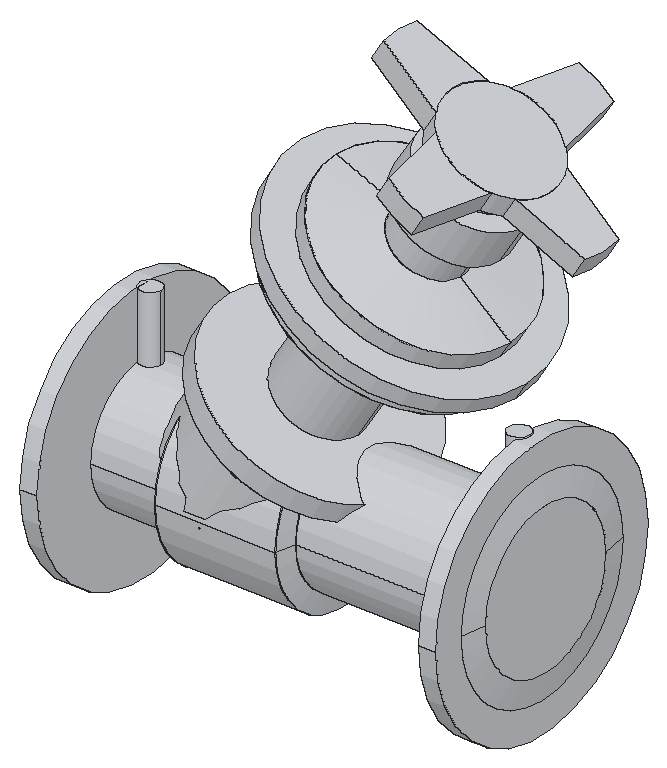
Revit family "224_DN125_40-160_RFA_2019", category Pipe Accessories, Revit 2019
Family settings
  Round Connector Dimension = Use Diameter
  Part Type = Valve - Breaks Into
  Work Plane-Based = No
  Always vertical = Yes
  Cut with Voids When Loaded = No
  Shared = No
Parameters (values of type "224_DN125_(40-160)")
  magiProductId = "9beb69b667494b6ab1f54942078ae6"
  magiProductFamilyId = "cb96b53648234cefb8c956722b95ac"
  magiPartTypeId = 304
  isMeasuringValve [instance] = no
  ang2D [instance] = 0.00°
  Z8 = 25.804 mm
  Z7 = 8.601 mm
  Z6 = 107.518 mm
  Z4 = 43.007 mm
  Z3 = 17.203 mm
  Z2 = 21.504 mm
  Z1 = 64.511 mm
  Y9 = 112.022 mm
  Y8 = 43.927 mm
  X9 = 19.752 mm
  X8 = 30.758 mm
  X5 = 166.25 mm
  X4 = 113.75 mm
  X1 = 16 mm
  W2D = 100 mm
  VersionID = "2.0/2018.4.11.4/ZETKAMA_224_001"
  Use Minimum Symbol Size [instance] = yes
  URL = "www.hydronic.cz"
  Type Comments = "přírubový ventil, PN16; -10~+120°C; dpmin=1,5xdpnast;"
  R8 = 53.625 mm
  R7 = 35.75 mm
  R6 = 96.688 mm
  R5 = 125 mm
  R4 = 113.75 mm
  R3 = 65 mm
  R2 = 95.5 mm
  R12 = 42.75 mm
  R10 = 71 mm
  QmdConnectorList = "301;D;302;D"
  Productdata [instance] = ""
  Manufacturer = "Hydronic Systems Prague s.r.o."
  Maintenance Zone Under Depth [instance] = 425 mm
  Maintenance Zone Right Depth [instance] = 400 mm
  Maintenance Zone Over Depth [instance] = 425 mm
  Maintenance Zone Left Depth [instance] = 400 mm
  Maintenance Zone Front Depth [instance] = 273 mm
  Maintenance Zone Back Depth [instance] = 273 mm
  Maintenance Zone Front Visibility [instance] = no
  MC Product Code = "224 125 7 (DN125; dpnast 40-160kPa; dpmax=250kPa; kvs=169,0kPa)"
  MC Piping Given Pressure Drop [instance] = 0.0 Pa
  LT2 = 200 mm
  L3 = 72 mm
  L2D_Min = 3048 mm
  L2D = 350 mm
  H5 = 62.5 mm
  FDT2 = 125 mm
  Description = "Regulátor diferenčního tlaku přírubový"
  DT21 = 62.5 mm
  DT2 = 62.5 mm
  D6 = 101.562 mm
  D5 = 81.25 mm
  D = 125 mm
  Clearance Zone Height Depth [instance] = 425 mm
  Clearance Zone Circular Radius [instance] = 400 mm
  Clearance Zone Visibility [instance] = no
  CAT0 = yes
  ARC2 = 1.728 mm
  ARC1 = 9.698 mm
  ANG = 32.00°
  A2 = 37.094 mm
  A1 = 59.363 mm
Types (10, lengths in mm): name | magiProductId | Z8 | Z7 | Z6 | Z4 | Z3 | Z2 | Z1 | X5 | X4 | X1 | R5 | R3 | R2 | R10 | Maintenance Zone Under Depth | Maintenance Zone Right Depth | Maintenance Zone Over Depth | Maintenance Zone Left Depth | MC Product Code | LT2 | L3 | H5 | FDT2 | DT21 | DT2 | D6 | D5 | D | Clearance Zone Height Depth | Clearance Zone Circular Radius | A2 | A1
  224_DN100_(40-160) | "71f9e553003c40d991c5e352e67284" | 24.389 | 8.13 | 101.622 | 40.649 | 16.26 | 20.324 | 60.973 | 152.2 | 91 | 14 | 110 | 52 | 80.5 | 58 | 405 | 350 | 405 | 350 | "224 100 7 (DN100; dpnast 40-160kPa; dpmax=250kPa; kvs=110,0kPa)" | 175 | 62.8 | 60 | 110 | 50 | 50 | 81.25 | 65 | 100 | 405 | 350 | 32.458 | 51.943
  224_DN100_(20-70) | "5e4de33176c64976a9c157b39996ce" | 24.389 | 8.13 | 101.622 | 40.649 | 16.26 | 20.324 | 60.973 | 152.2 | 91 | 14 | 110 | 52 | 80.5 | 58 | 405 | 350 | 405 | 350 | "224 100 3 (DN100; dpnast 20-70kPa; dpmax=250kPa; kvs=110,0kPa)" | 175 | 62.8 | 60 | 110 | 50 | 50 | 81.25 | 65 | 100 | 405 | 350 | 32.458 | 51.943
  224_DN125_(40-160) | "9beb69b667494b6ab1f54942078ae6" | 25.804 | 8.601 | 107.518 | 43.007 | 17.203 | 21.504 | 64.511 | 166.25 | 113.75 | 16 | 125 | 65 | 95.5 | 71 | 425 | 400 | 425 | 400 | "224 125 7 (DN125; dpnast 40-160kPa; dpmax=250kPa; kvs=169,0kPa)" | 200 | 72 | 62.5 | 125 | 62.5 | 62.5 | 101.562 | 81.25 | 125 | 425 | 400 | 37.094 | 59.363
  224_DN125_(20-70) | "2c85edc695ca465cb63b6911085491" | 25.804 | 8.601 | 107.518 | 43.007 | 17.203 | 21.504 | 64.511 | 166.25 | 113.75 | 16 | 125 | 65 | 95.5 | 71 | 425 | 400 | 425 | 400 | "224 125 3 (DN125; dpnast 20-70kPa; dpmax=250kPa; kvs=169,0kPa)" | 200 | 72 | 62.5 | 125 | 62.5 | 62.5 | 101.562 | 81.25 | 125 | 425 | 400 | 37.094 | 59.363
  224_DN150_(40-160) | "96017eba5eec4de2abe05c4d8dc7d1" | 26.866 | 8.955 | 89.552 | 44.776 | 17.91 | 22.388 | 89.552 | 223.38 | 115.5 | 19.2 | 142.5 | 70.2 | 108.5 | 84 | 440 | 480 | 440 | 480 | "224 150 7 (DN150; dpnast 40-160kPa; dpmax=250kPa; kvs=200,0kPa)" | 240 | 86.72 | 67.5 | 142.5 | 67.5 | 75 | 90.75 | 82.5 | 150 | 440 | 480 | 44.513 | 71.236
  224_DN150_(20-70) | "2dcf3707ec5549d494f72875a03dce" | 26.866 | 8.955 | 89.552 | 44.776 | 17.91 | 22.388 | 89.552 | 223.38 | 115.5 | 19.2 | 142.5 | 70.2 | 108.5 | 84 | 440 | 480 | 440 | 480 | "224 150 3 (DN150; dpnast 20-70kPa; dpmax=250kPa; kvs=200,0kPa)" | 240 | 86.72 | 67.5 | 142.5 | 67.5 | 75 | 90.75 | 82.5 | 150 | 440 | 480 | 44.513 | 71.236
  224_DN065_(40-160) | "7a3227ed888c4b0d8669ae9eb0085d" | 22.974 | 7.658 | 95.726 | 38.29 | 15.316 | 19.145 | 57.436 | 139.89 | 59.15 | 11.6 | 92.5 | 33.8 | 63 | 40.5 | 385 | 290 | 385 | 290 | "224 065 7 (DN65; dpnast 40-160kPa; dpmax=300kPa; kvs=48,4kPa)" | 145 | 51.76 | 60 | 92.5 | 32.5 | 32.5 | 52.812 | 42.25 | 65 | 385 | 290 | 26.893 | 43.038
  224_DN065_(20-70) | "bd269db4002540fe9b2a41f205afd7" | 22.974 | 7.658 | 95.726 | 38.29 | 15.316 | 19.145 | 57.436 | 139.89 | 59.15 | 11.6 | 92.5 | 33.8 | 63 | 40.5 | 385 | 290 | 385 | 290 | "224 065 3 (DN65; dpnast 20-70kPa; dpmax=300kPa; kvs=48,4kPa)" | 145 | 51.76 | 60 | 92.5 | 32.5 | 32.5 | 52.812 | 42.25 | 65 | 385 | 290 | 26.893 | 43.038
  224_DN080_(40-160) | "20b45c03d3cb49e9a44f946d5e2c2d" | 23.328 | 7.776 | 97.2 | 38.88 | 15.552 | 19.44 | 58.32 | 140.96 | 72.8 | 12.4 | 100 | 41.6 | 70.5 | 48 | 390 | 310 | 390 | 310 | "224 080 7 (DN80; dpnast 40-160kPa; dpmax=300kPa; kvs=74,5kPa)" | 155 | 55.44 | 60 | 100 | 40 | 40 | 65 | 52 | 80 | 390 | 310 | 28.748 | 46.007
  224_DN080_(20-70) | "2f63645f7c5342ecbadd0051fa47f2" | 23.328 | 7.776 | 97.2 | 38.88 | 15.552 | 19.44 | 58.32 | 140.96 | 72.8 | 12.4 | 100 | 41.6 | 70.5 | 48 | 390 | 310 | 390 | 310 | "224 080 3 (DN80; dpnast 20-70kPa; dpmax=300kPa; kvs=74,5kPa)" | 155 | 55.44 | 60 | 100 | 40 | 40 | 65 | 52 | 80 | 390 | 310 | 28.748 | 46.007
Reference planes
  plane 1 "Center (Front/Back)": y = 0
  plane 2 "XYPLANE": z = 0
  plane 3 "Center (Left/Right)": x = 0
  plane 4 "274": z = -425
  plane 5 "273": z = 425
  plane 6 "272": x = -400
  plane 7 "271": x = 400
  plane 8 "270": y = 273
  plane 9 "269": y = -273
  plane 10 "202": x = 175
  plane 11 "201": z = 62.5
  plane 12 "199": x = -173
  plane 13 "196": x = 13.75
  plane 14 "195": x = 9.75
  plane 15 "186": x = -104
  plane 16 "185": x = -108
  plane 17 "157": through (-518.951, 0, 584.815) normal (0.5299, 0, 0.848)
  plane 18 "123": y = -19.752
  plane 19 "122": y = -30.758
  plane 20 "120": y = 19.752
  plane 21 "119": y = 30.758
  plane 22 "118": through (252.097, 0, 726.856) normal (0.848, 0, -0.5299)
  plane 23 "117": through (384.349, 0, 644.216) normal (0.848, 0, -0.5299)
  plane 24 "116": through (442.096, 0, 608.131) normal (0.848, 0, -0.5299)
  plane 25 "115": through (309.844, 0, 690.772) normal (0.848, 0, -0.5299)
  plane 26 "113": y = -43.927
  plane 27 "112": y = -112.022
  plane 28 "110": through (373.181, 0, 651.195) normal (0.848, 0, -0.5299)
  plane 29 "108": through (330.345, 0, 677.961) normal (0.848, 0, -0.5299)
  plane 30 "107": through (321.012, 0, 683.793) normal (0.848, 0, -0.5299)
  plane 31 "106": through (363.848, 0, 657.027) normal (0.848, 0, -0.5299)
  plane 32 "105": y = 112.022
  plane 33 "104": y = 43.927
  plane 34 "99": through (-439.185, 0, 712.467) normal (0.5299, 0, 0.848)
  plane 35 "96": through (-450.58, 0, 694.231) normal (0.5299, 0, 0.848)
  plane 36 "91": through (-473.37, 0, 657.759) normal (0.5299, 0, 0.848)
  plane 37 "87": through (-496.161, 0, 621.287) normal (0.5299, 0, 0.848)
  plane 38 "84": through (-500.719, 0, 613.992) normal (0.5299, 0, 0.848)
  plane 39 "82": through (-509.835, 0, 599.404) normal (0.5299, 0, 0.848)
  plane 40 "75": through (-528.067, 0, 570.226) normal (0.5299, 0, 0.848)
  plane 41 "74": through (-541.741, 0, 548.342) normal (0.5299, 0, 0.848)
  plane 42 "41": through (-598.717, 0, 457.162) normal (0.5299, 0, 0.848)
  plane 43 "37": through (-610.112, 0, 438.926) normal (0.5299, 0, 0.848)
  plane 44 "34": through (-621.508, 0, 420.69) normal (0.5299, 0, 0.848)
  plane 45 "30": through (-655.693, 0, 365.982) normal (0.5299, 0, 0.848)
  plane 46 "28": y = 0
  plane 47 "27": through (347.096, 0, 667.494) normal (0.848, 0, -0.5299)
  plane 48 "24": x = 196
  plane 49 "23": x = 180
  plane 50 "15": x = -180
  plane 51 "11": x = -196
  plane 52 "6": x = 200
  plane 53 "5": x = -200
  plane 54 "3": z = 0
  plane 55 "2": y = 0
  plane 56 "1": x = 0
  plane 57 "25XY": through (-636.036, 0, 397.439) normal (0.5299, 0, 0.848)
  plane 58 "25XZ": y = 0
  plane 59 "25YZ": through (397.439, 0, 636.036) normal (0.848, 0, -0.5299)
Forms (mm)
  Blend 1, solid, visible <- "CAT0"
    base sketch origin (-541.741, 0, 548.342) x (0.848048, 0, -0.529919) y (0, 1, 0)
      loop
        circle (690.637, 0) r 42.75
    top sketch origin (-541.741, 0, 548.342) x (0.848048, 0, -0.529919) y (0, 1, 0)
      loop
        circle (690.637, 0) r 113.75
    from 0 to 25.804
  Blend 2, solid, visible <- "Maintenance Zone Front Visibility"
    base sketch origin (-750, 0, 425) x (1, 0, 0) y (0, 1, 0)
      loop
        line (350, 273) -> (350, -273) -> (1150, -273) -> (1150, 273) -> (350, 273)
    top sketch origin (-750, 0, 425) x (1, 0, 0) y (0, 1, 0)
      loop
        line (350, 273) -> (350, -273) -> (1150, -273) -> (1150, 273) -> (350, 273)
    from 0 to -850
  Extrusion 3, solid, visible <- "Clearance Zone Visibility"
    sketch origin (-750, 0, 0) x (1, 0, 0) y (0, 1, 0)
      loop
        circle (750, 0) r 400
    from 0 to 425 <- "Clearance Zone Height Depth"
  Extrusion 4, solid, visible <- "CAT0"
    sketch origin (-598.717, 0, 457.162) x (0.848048, 0, -0.529919) y (0, 1, 0)
      loop
        circle (690.637, 0) r 42.75
    from 0 to 107.518 <- "Z6"
  Extrusion 5, solid
    sketch origin (-750, 0, 62.5) x (1, 0, 0) y (0, 1, 0)
      loop
        circle (925, 0) r 10
    from 0 to 62.5 <- "H5"
  Extrusion 6, solid
    sketch origin (-750, 0, 62.5) x (1, 0, 0) y (0, 1, 0)
      loop
        circle (577, 0) r 10
    from 0 to 62.5 <- "H5"
  Extrusion 7, solid
    sketch origin (13.75, -750, 0) x (0, 1, 0) y (0, 0, 1)
      loop
        circle (750, 0) r 62.5
    from 0 to 166.25 <- "X5"
  Blend 8, solid
    base sketch origin (13.75, -750, 0) x (0, 1, 0) y (0, 0, 1)
      loop
        circle (750, 0) r 62.5
    top sketch origin (13.75, -750, 0) x (0, 1, 0) y (0, 0, 1)
      loop
        circle (750, 0) r 81.25
    from 0 to -4
  Extrusion 9, solid
    sketch origin (-104, -750, 0) x (0, 1, 0) y (0, 0, 1)
      loop
        circle (750, 0) r 81.25
    from 0 to 113.75 <- "X4"
  Blend 10, solid
    base sketch origin (-108, -750, 0) x (0, 1, 0) y (0, 0, 1)
      loop
        circle (750, 0) r 62.5
    top sketch origin (-108, -750, 0) x (0, 1, 0) y (0, 0, 1)
      loop
        circle (750, 0) r 81.25
    from 0 to 4
  Extrusion 11, solid
    sketch origin (-655.693, 0, 365.982) x (0.848048, 0, -0.529919) y (0, 1, 0)
      loop
        circle (690.637, 0) r 81.25
    from 0 to 64.511 <- "Z1"
  Extrusion 12, solid
    sketch origin (-528.067, 0, 570.226) x (0.848048, 0, -0.529919) y (0, 1, 0)
      loop
        circle (690.637, 0) r 113.75
    from 0 to 17.203 <- "Z3"
  Extrusion 13, solid
    sketch origin (-439.185, 0, 712.467) x (0.848048, 0, -0.529919) y (0, 1, 0)
      loop
        line (734.564, -30.758) -> (802.659, -19.752)
        arc (802.659, -19.752) -> (804.387, 0) -> (802.659, 19.752) r 113.75
        line (802.659, 19.752) -> (734.564, 30.758)
        arc (734.564, 30.758) -> (744.262, 0) -> (734.564, -30.758) r 53.625
    from 0 to 21.504 <- "Z2"
  Extrusion 14, solid
    sketch origin (-439.185, 0, 712.467) x (0.848048, 0, -0.529919) y (0, 1, 0)
      loop
        line (646.71, 30.758) -> (578.615, 19.752)
        arc (578.615, 19.752) -> (576.887, 0) -> (578.615, -19.752) r 113.75
        line (578.615, -19.752) -> (646.71, -30.758)
        arc (646.71, -30.758) -> (637.012, 0) -> (646.71, 30.758) r 53.625
    from 0 to 21.504 <- "Z2"
  Extrusion 15, solid
    sketch origin (-439.185, 0, 712.467) x (0.848048, 0, -0.529919) y (0, 1, 0)
      loop
        line (659.879, -43.927) -> (670.884, -112.022)
        arc (670.884, -112.022) -> (690.637, -113.75) -> (710.389, -112.022) r 113.75
        line (710.389, -112.022) -> (721.395, -43.927)
        arc (721.395, -43.927) -> (690.637, -53.625) -> (659.879, -43.927) r 53.625
    from 0 to 21.504 <- "Z2"
  Extrusion 16, solid
    sketch origin (-439.185, 0, 712.467) x (0.848048, 0, -0.529919) y (0, 1, 0)
      loop
        line (721.395, 43.927) -> (710.389, 112.022)
        arc (710.389, 112.022) -> (690.637, 113.75) -> (670.884, 112.022) r 113.75
        line (670.884, 112.022) -> (659.879, 43.927)
        arc (659.879, 43.927) -> (690.637, 53.625) -> (721.395, 43.927) r 53.625
    from 0 to 21.504 <- "Z2"
  Extrusion 17, solid
    sketch origin (-439.185, 0, 712.467) x (0.848048, 0, -0.529919) y (0, 1, 0)
      loop
        circle (690.637, 0) r 53.625
    from 0 to 21.504 <- "Z2"
  Extrusion 18, solid
    sketch origin (-450.58, 0, 694.231) x (0.848048, 0, -0.529919) y (0, 1, 0)
      loop
        circle (690.637, 0) r 35.75
    from 0 to 21.504 <- "Z2"
  Extrusion 19, solid
    sketch origin (-473.37, 0, 657.759) x (0.848048, 0, -0.529919) y (0, 1, 0)
      loop
        circle (690.637, 0) r 53.625
    from 0 to 43.007 <- "Z4"
  Extrusion 20, solid
    sketch origin (-496.161, 0, 621.287) x (0.848048, 0, -0.529919) y (0, 1, 0)
      loop
        circle (690.637, 0) r 35.75
    from 0 to 43.007 <- "Z4"
  Blend 21, solid
    base sketch origin (-500.719, 0, 613.992) x (0.848048, 0, -0.529919) y (0, 1, 0)
      loop
        circle (690.637, 0) r 96.688
    top sketch origin (-500.719, 0, 613.992) x (0.848048, 0, -0.529919) y (0, 1, 0)
      loop
        circle (690.637, 0) r 35.75
    from 0 to 8.601
  Extrusion 22, solid
    sketch origin (-509.835, 0, 599.404) x (0.848048, 0, -0.529919) y (0, 1, 0)
      loop
        circle (690.637, 0) r 96.688
    from 0 to 17.203 <- "Z3"
  Extrusion 23, solid
    sketch origin (-518.951, 0, 584.815) x (0.848048, 0, -0.529919) y (0, 1, 0)
      loop
        circle (690.637, 0) r 125
    from 0 to 17.203 <- "Z3"
  Extrusion 24, solid
    sketch origin (-610.112, 0, 438.926) x (0.848048, 0, -0.529919) y (0, 1, 0)
      loop
        circle (690.637, 0) r 101.562
    from 0 to 21.504 <- "Z2"
  Extrusion 25, solid
    sketch origin (-621.508, 0, 420.69) x (0.848048, 0, -0.529919) y (0, 1, 0)
      loop
        circle (690.637, 0) r 65
    from 0 to 21.504 <- "Z2"
  Blend 26, solid
    base sketch origin (196, -750, 0) x (0, 1, 0) y (0, 0, 1)
      loop
        circle (750, 0) r 95.5
    top sketch origin (196, -750, 0) x (0, 1, 0) y (0, 0, 1)
      loop
        circle (750, 0) r 71
    from 0 to 4
  Extrusion 27, solid
    sketch origin (180, -750, 0) x (0, 1, 0) y (0, 0, 1)
      loop
        circle (750, 0) r 125
    from 0 to 16 <- "X1"
  Extrusion 28, solid
    sketch origin (-180, -750, 0) x (0, 1, 0) y (0, 0, 1)
      loop
        circle (750, 0) r 62.5
    from 0 to 72 <- "L3"
  Extrusion 29, solid
    sketch origin (-196, -750, 0) x (0, 1, 0) y (0, 0, 1)
      loop
        circle (750, 0) r 125
    from 0 to 16 <- "X1"
  Blend 30, solid
    base sketch origin (-200, -750, 0) x (0, 1, 0) y (0, 0, 1)
      loop
        circle (750, 0) r 71
    top sketch origin (-200, -750, 0) x (0, 1, 0) y (0, 0, 1)
      loop
        circle (750, 0) r 95.5
    from 0 to 4
  Extrusion 31, solid, not visible
    sketch origin (200, -750, 0) x (0, 1, 0) y (0, 0, 1)
      loop
        circle (750, 0) r 10
    from 0 to -10
  Extrusion 32, solid, not visible
    sketch origin (-200, -750, 0) x (0, 1, 0) y (0, 0, 1)
      loop
        circle (750, 0) r 10
    from 0 to 10
Lines and regions (mm)
  reference lines, not visible
    curve 1: circle (10.95, 2, 0) r 1 normal (0, 0, 1)
  reference lines
    curve 2: line (183.76, -30.758, 323.208) -> (183.76, 30.758, 323.208)
    curve 3: line (241.508, 19.752, 287.123) -> (241.508, -19.752, 287.123)
    curve 4: line (109.256, 30.758, 369.763) -> (109.256, -30.758, 369.763)
    curve 5: line (51.508, -19.752, 405.848) -> (51.508, 19.752, 405.848)
    curve 6: line (120.424, -43.927, 362.785) -> (172.593, -43.927, 330.186)
    curve 7: line (163.259, -112.022, 336.018) -> (129.757, -112.022, 356.953)
    curve 8: line (172.593, 43.927, 330.186) -> (120.424, 43.927, 362.785)
    curve 9: line (129.757, 112.022, 356.953) -> (163.259, 112.022, 336.018)
Dimensions and locks
  plane 1 "Center (Front/Back)" to curve 1 = 2 mm
  "Maintenance Zone Under Depth": plane 2 "XYPLANE" to plane 4 "274"
  "Maintenance Zone Over Depth": plane 2 "XYPLANE" to plane 5 "273"
  "Maintenance Zone Left Depth": plane 3 "Center (Left/Right)" to plane 6 "272"
  "Maintenance Zone Right Depth": plane 3 "Center (Left/Right)" to plane 7 "271"
  "Maintenance Zone Back Depth": plane 1 "Center (Front/Back)" to plane 8 "270"
  "Maintenance Zone Front Depth": plane 1 "Center (Front/Back)" to plane 9 "269"
  locked: plane 49 "23" to plane 10 "202" at 5
  "DT2": plane 2 "XYPLANE" to plane 11 "201"
  locked: plane 50 "15" to plane 12 "199" at 7
  locked: plane 14 "195" to plane 13 "196" at 4
  "X4": plane 15 "186" to plane 14 "195"
  locked: plane 16 "185" to plane 15 "186" at 4
  "L3": plane 50 "15" to plane 16 "185"
  "Z3": plane 40 "75" to plane 17 "157"
  "X9": plane 55 "2" to plane 18 "123"
  "X8": plane 55 "2" to plane 19 "122"
  "X9": plane 55 "2" to plane 20 "120"
  "X8": plane 55 "2" to plane 21 "119"
  "Y9": plane 47 "27" to plane 22 "118"
  "Y8": plane 47 "27" to plane 23 "117"
  "Y9": plane 47 "27" to plane 24 "116"
  "Y8": plane 47 "27" to plane 25 "115"
  "Y8": plane 55 "2" to plane 26 "113"
  "Y9": plane 55 "2" to plane 27 "112"
  "X8": plane 47 "27" to plane 28 "110"
  "X9": plane 47 "27" to plane 29 "108"
  "X8": plane 47 "27" to plane 30 "107"
  "X9": plane 47 "27" to plane 31 "106"
  "Y9": plane 55 "2" to plane 32 "105"
  "Y8": plane 55 "2" to plane 33 "104"
  "Z2": plane 35 "96" to plane 34 "99"
  "Z4": plane 36 "91" to plane 35 "96"
  "Z4": plane 37 "87" to plane 36 "91"
  "Z7": plane 38 "84" to plane 37 "87"
  "Z3": plane 39 "82" to plane 38 "84"
  "Z3": plane 17 "157" to plane 39 "82"
  "Z8": plane 41 "74" to plane 40 "75"
  "Z6": plane 42 "41" to plane 41 "74"
  "Z2": plane 43 "37" to plane 42 "41"
  "Z2": plane 44 "34" to plane 43 "37"
  "Z1": plane 45 "30" to plane 44 "34"
  "A2": plane 57 "25XY" to plane 45 "30"
  locked: plane 55 "2" to plane 46 "28"
  "A1": plane 59 "25YZ" to plane 47 "27"
  "X1": plane 49 "23" to plane 48 "24"
  "X5": plane 13 "196" to plane 49 "23"
  "X1": plane 51 "11" to plane 50 "15"
  locked: plane 53 "5" to plane 51 "11" at 4
  "LT2": plane 3 "Center (Left/Right)" to plane 52 "6"
  "LT2": plane 3 "Center (Left/Right)" to plane 53 "5"
  locked: plane 2 "XYPLANE" to plane 54 "3"
  locked: plane 1 "Center (Front/Back)" to plane 55 "2"
  locked: plane 3 "Center (Left/Right)" to plane 56 "1"
  Blend 2 sketch curve to Blend 2 sketch curve = 0 mm  (x16)
  "ARC1": curve 2 to Extrusion 13 sketch curve
  "ARC2": curve 3 to Extrusion 13 sketch curve
  Extrusion 13 sketch curve to Extrusion 13 sketch curve = 0 mm  (x8)
  "ARC1": curve 4 to Extrusion 14 sketch curve
  "ARC2": curve 5 to Extrusion 14 sketch curve
  Extrusion 14 sketch curve to Extrusion 14 sketch curve = 0 mm  (x8)
  "ARC1": curve 6 to Extrusion 15 sketch curve
  "ARC2": curve 7 to Extrusion 15 sketch curve
  Extrusion 15 sketch curve to Extrusion 15 sketch curve = 0 mm  (x8)
  "ARC1": curve 8 to Extrusion 16 sketch curve
  "ARC2": curve 9 to Extrusion 16 sketch curve
  Extrusion 16 sketch curve to Extrusion 16 sketch curve = 0 mm  (x8)
  "R4": radius of Blend 1 sketch curve
  "R12": radius of Blend 1 sketch curve
  "Clearance Zone Circular Radius": radius of Extrusion 3 sketch curve
  "R12": radius of Extrusion 4 sketch curve
  "DT21": radius of Extrusion 7 sketch curve
  "D5": radius of Blend 8 sketch curve
  "DT21": radius of Blend 8 sketch curve
  "D5": radius of Extrusion 9 sketch curve
  "D5": radius of Blend 10 sketch curve
  "DT21": radius of Blend 10 sketch curve
  "D5": radius of Extrusion 11 sketch curve
  "R4": radius of Extrusion 12 sketch curve
  "R8": radius of Extrusion 17 sketch curve
  "R7": radius of Extrusion 18 sketch curve
  "R8": radius of Extrusion 19 sketch curve
  "R7": radius of Extrusion 20 sketch curve
  "R7": radius of Blend 21 sketch curve
  "R6": radius of Blend 21 sketch curve
  "R6": radius of Extrusion 22 sketch curve
  "R5": radius of Extrusion 23 sketch curve
  "D6": radius of Extrusion 24 sketch curve
  "R3": radius of Extrusion 25 sketch curve
  "R10": radius of Blend 26 sketch curve
  "R2": radius of Blend 26 sketch curve
  "FDT2": radius of Extrusion 27 sketch curve
  "DT21": radius of Extrusion 28 sketch curve
  "FDT2": radius of Extrusion 29 sketch curve
  "R2": radius of Blend 30 sketch curve
  "R10": radius of Blend 30 sketch curve
  aligned and locked: level to plane 2 "XYPLANE"
  aligned and locked: plane 46 "28" to Blend 1 sketch curve  (x2)
  aligned and locked: Blend 1 sketch curve to plane 47 "27"  (x2)
  aligned and locked: plane 40 "75" to Blend 1
  aligned and locked: Blend 2 sketch curve to plane 6 "272"  (x2)
  aligned and locked: plane 8 "270" to Blend 2 sketch curve  (x4)
  aligned and locked: plane 9 "269" to Blend 2 sketch curve  (x4)
  aligned and locked: plane 6 "272" to Blend 2 sketch curve  (x2)
  aligned and locked: plane 7 "271" to Blend 2 sketch curve  (x4)
  aligned and locked: Blend 2 to plane 4 "274"
  aligned and locked: plane 55 "2" to Extrusion 3 sketch curve
  aligned and locked: plane 56 "1" to Extrusion 3 sketch curve
  aligned and locked: plane 46 "28" to Extrusion 4 sketch curve
  aligned and locked: Extrusion 4 sketch curve to plane 47 "27"
  aligned and locked: plane 10 "202" to Extrusion 5 sketch curve
  aligned and locked: plane 55 "2" to Extrusion 5 sketch curve
  aligned and locked: plane 12 "199" to Extrusion 6 sketch curve
  aligned and locked: plane 55 "2" to Extrusion 6 sketch curve
  aligned and locked: plane 54 "3" to Extrusion 7 sketch curve
  aligned and locked: Extrusion 7 sketch curve to plane 55 "2"
  aligned and locked: plane 54 "3" to Blend 8 sketch curve  (x2)
  aligned and locked: Blend 8 sketch curve to plane 55 "2"  (x2)
  aligned and locked: Blend 8 to plane 14 "195"
  aligned and locked: plane 54 "3" to Extrusion 9 sketch curve
  aligned and locked: Extrusion 9 sketch curve to plane 55 "2"
  aligned and locked: plane 54 "3" to Blend 10 sketch curve  (x2)
  aligned and locked: Blend 10 sketch curve to plane 55 "2"  (x2)
  aligned and locked: plane 15 "186" to Blend 10
  aligned and locked: plane 46 "28" to Extrusion 11 sketch curve
  aligned and locked: Extrusion 11 sketch curve to plane 47 "27"
  aligned and locked: plane 46 "28" to Extrusion 12 sketch curve
  aligned and locked: Extrusion 12 sketch curve to plane 47 "27"
  aligned and locked: curve 2 to plane 23 "117"
  aligned and locked: plane 19 "122" to curve 2
  aligned and locked: plane 21 "119" to curve 2
  aligned and locked: plane 21 "119" to Extrusion 13 sketch curve
  aligned and locked: plane 23 "117" to Extrusion 13 sketch curve
  aligned and locked: plane 20 "120" to Extrusion 13 sketch curve
  aligned and locked: plane 24 "116" to Extrusion 13 sketch curve
  aligned and locked: curve 3 to plane 24 "116"
  aligned and locked: plane 20 "120" to curve 3
  aligned and locked: plane 18 "123" to curve 3
  aligned and locked: plane 18 "123" to Extrusion 13 sketch curve
  aligned and locked: Extrusion 13 sketch curve to plane 24 "116"
  aligned and locked: plane 19 "122" to Extrusion 13 sketch curve
  aligned and locked: Extrusion 13 sketch curve to plane 23 "117"
  aligned and locked: curve 4 to plane 25 "115"
  aligned and locked: plane 21 "119" to curve 4
  aligned and locked: plane 19 "122" to curve 4
  aligned and locked: plane 19 "122" to Extrusion 14 sketch curve
  aligned and locked: Extrusion 14 sketch curve to plane 25 "115"
  aligned and locked: plane 18 "123" to Extrusion 14 sketch curve
  aligned and locked: Extrusion 14 sketch curve to plane 22 "118"
  aligned and locked: curve 5 to plane 22 "118"
  aligned and locked: plane 18 "123" to curve 5
  aligned and locked: plane 20 "120" to curve 5
  aligned and locked: plane 20 "120" to Extrusion 14 sketch curve
  aligned and locked: plane 22 "118" to Extrusion 14 sketch curve
  aligned and locked: plane 21 "119" to Extrusion 14 sketch curve
  aligned and locked: plane 25 "115" to Extrusion 14 sketch curve
  aligned and locked: curve 6 to plane 26 "113"
  aligned and locked: curve 6 to plane 30 "107"
  aligned and locked: curve 6 to plane 28 "110"
  aligned and locked: plane 26 "113" to Extrusion 15 sketch curve  (x2)
  aligned and locked: Extrusion 15 sketch curve to plane 28 "110"
  aligned and locked: plane 27 "112" to Extrusion 15 sketch curve  (x2)
  aligned and locked: Extrusion 15 sketch curve to plane 31 "106"
  aligned and locked: plane 27 "112" to curve 7
  aligned and locked: curve 7 to plane 31 "106"
  aligned and locked: curve 7 to plane 29 "108"
  aligned and locked: Extrusion 15 sketch curve to plane 29 "108"
  aligned and locked: Extrusion 15 sketch curve to plane 30 "107"
  aligned and locked: plane 33 "104" to curve 8
  aligned and locked: plane 28 "110" to curve 8
  aligned and locked: plane 30 "107" to curve 8
  aligned and locked: plane 30 "107" to Extrusion 16 sketch curve
  aligned and locked: plane 33 "104" to Extrusion 16 sketch curve  (x2)
  aligned and locked: plane 29 "108" to Extrusion 16 sketch curve
  aligned and locked: plane 32 "105" to Extrusion 16 sketch curve  (x2)
  aligned and locked: curve 9 to plane 32 "105"
  aligned and locked: plane 29 "108" to curve 9
  aligned and locked: plane 31 "106" to curve 9
  aligned and locked: plane 31 "106" to Extrusion 16 sketch curve
  aligned and locked: plane 28 "110" to Extrusion 16 sketch curve
  aligned and locked: plane 46 "28" to Extrusion 17 sketch curve
  aligned and locked: Extrusion 17 sketch curve to plane 47 "27"
  aligned and locked: plane 46 "28" to Extrusion 18 sketch curve
  aligned and locked: Extrusion 18 sketch curve to plane 47 "27"
  aligned and locked: plane 46 "28" to Extrusion 19 sketch curve
  aligned and locked: Extrusion 19 sketch curve to plane 47 "27"
  aligned and locked: plane 46 "28" to Extrusion 20 sketch curve
  aligned and locked: Extrusion 20 sketch curve to plane 47 "27"
  aligned and locked: plane 46 "28" to Blend 21 sketch curve  (x2)
  aligned and locked: Blend 21 sketch curve to plane 47 "27"  (x2)
  aligned and locked: plane 37 "87" to Blend 21
  aligned and locked: plane 46 "28" to Extrusion 22 sketch curve
  aligned and locked: Extrusion 22 sketch curve to plane 47 "27"
  aligned and locked: plane 46 "28" to Extrusion 23 sketch curve
  aligned and locked: Extrusion 23 sketch curve to plane 47 "27"
  aligned and locked: plane 46 "28" to Extrusion 24 sketch curve
  aligned and locked: Extrusion 24 sketch curve to plane 47 "27"
  aligned and locked: plane 46 "28" to Extrusion 25 sketch curve
  aligned and locked: Extrusion 25 sketch curve to plane 47 "27"
  aligned and locked: plane 54 "3" to Blend 26 sketch curve  (x2)
  aligned and locked: Blend 26 sketch curve to plane 55 "2"  (x2)
  aligned and locked: plane 52 "6" to Blend 26
  aligned and locked: plane 54 "3" to Extrusion 27 sketch curve
  aligned and locked: Extrusion 27 sketch curve to plane 55 "2"
  aligned and locked: plane 54 "3" to Extrusion 28 sketch curve
  aligned and locked: Extrusion 28 sketch curve to plane 55 "2"
  aligned and locked: plane 54 "3" to Extrusion 29 sketch curve
  aligned and locked: Extrusion 29 sketch curve to plane 55 "2"
  aligned and locked: plane 54 "3" to Blend 30 sketch curve  (x2)
  aligned and locked: Blend 30 sketch curve to plane 55 "2"  (x2)
  aligned and locked: plane 51 "11" to Blend 30
  aligned and locked: plane 54 "3" to Extrusion 31 sketch curve
  aligned and locked: Extrusion 31 sketch curve to plane 55 "2"
  aligned and locked: plane 54 "3" to Extrusion 32 sketch curve
  aligned and locked: Extrusion 32 sketch curve to plane 55 "2"
Automatic sketch dimensions
  Extrusion 5 sketch curve to Extrusion 5 sketch curve = 10 mm
  Extrusion 6 sketch curve to plane 50 "15" = 3 mm
  plane 18 "123" to Extrusion 31 sketch curve = 9.752 mm
  plane 18 "123" to Extrusion 32 sketch curve = 9.752 mm
  plane 14 "195" to curve 1 = 1.2 mm
  radius of curve 1 = 1 mm
Connectors
  piping at (-200, 0, 0), diameter 125, driven by "D"
    settings: on Extrusion 32, index 1, connector inside diameter 609.6 mm, connector length 0 mm, flow factor 0, pipe flow 0.0 L/s, pressure drop 0.0 Pa, fitting loss kfactor 0, connector angle 0.00°, fixture units 0, engagement length 0 mm, angle of deflection 0.00°, flow configuration 0, flow direction 0, fitting loss method 0, system type 29, joint type 0, gender type 0, connector reference index 2, connector utility 0, adjustable connector no, is connector primary yes, connector description ""
  piping at (200, 0, 0), diameter 125, driven by "D"
    settings: on Extrusion 31, index 2, connector inside diameter 609.6 mm, connector length 0 mm, flow factor 0, pipe flow 0.0 L/s, pressure drop 0.0 Pa, fitting loss kfactor 0, connector angle 0.00°, fixture units 0, engagement length 0 mm, angle of deflection 0.00°, flow configuration 0, flow direction 0, fitting loss method 0, system type 29, joint type 0, gender type 0, connector reference index 1, connector utility 0, adjustable connector no, is connector primary no, connector description ""
